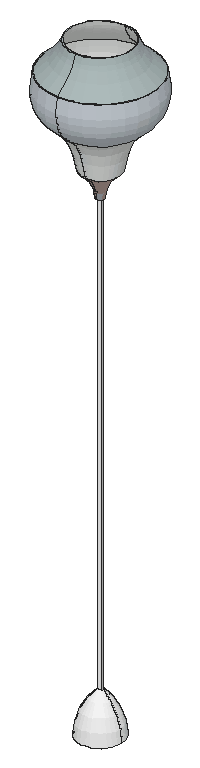
Revit family "Cirque 220 copper top", category Lighting Fixtures, host Face, Revit 2015
Parameters
  Width = 0 mm
  Weight (Kg) = 0
  Wattage = 96 W
  built-in parameter 1150110 = 1 (stored number, unit not read)
  Voltage (US Only) = 0 V
  Trim and Accessories = ""
  built-in parameter 1114217 = 1 (stored number, unit not read)
  Tilt Angle = -90.00°
  built-in parameter 1150109 = 1 (stored number, unit not read)
  built-in parameter 1150134 = 3
  Suspension Height [instance] = 1000 mm
  built-in parameter 1150113 = 1 (stored number, unit not read)
  Reflector Finish = none
  Product Documentation Link = ""
  Product Code = "x"
  Product Category = "Pendant"
  Power Factor (US Only) = 0
  Photometric Web File = "generic"
  Option = ""
  Number of Poles (US Only) = 0
  built-in parameter 1150142 = (empty or 0)
  Manufacturer = "Louis Poulsen Lighting"
  built-in parameter 1150105 = 267.38 (stored number, unit not read)
  Lumens = 3360 lm
  built-in parameter 1150115 = 1 (stored number, unit not read)
  Lighting Technique = ""
  built-in parameter 1150137 = (empty or 0)
  built-in parameter 1150139 = (empty or 0)
  Length = 0 mm
  built-in parameter 1150112 = 1 (stored number, unit not read)
  built-in parameter 1150114 = 1 (stored number, unit not read)
  Lamp = "x"
  Insulation Class (Not US) = ""
  built-in parameter 1150132 = 2
  built-in parameter 1150102 = (empty or 0)
  built-in parameter 1150107 = 3200 (stored number, unit not read)
  built-in parameter 1150138 = (empty or 0)
  built-in parameter 1150106 = 2.6738 (stored number, unit not read)
  IP (Not US) = ""
  IK (Not US - Outdoor only) = ""
  Height = 0 mm
  Efficiency (Lm/W) = ""
  built-in parameter 1150104 = 3.2516 (stored number, unit not read)
  Drawn By = "Louis Poulsen Lighting"
  Dimming Lamp Color Temperature Shift = <None>
  Designer = ""
  Description = "x"
  Default Elevation = 1000 mm
  Cut-off = "N/A"
  Color Filter = 16777215
  CRI = ""
  Build-in height = ""
  Bug Rating (US Outdoor Only) = "N/A"
  Body Finish = Default
  built-in parameter 1114218 = 1 (stored number, unit not read)
  built-in parameter 1150133 = 10 (stored number, unit not read)
Reference planes
  plane 1 "Center (Front/Back)": y = 0
  plane 2: z = 0
  plane 3 "Center (Left/Right)": x = 0
  plane 4 "Suspension height Ref Level": z = 1000
Forms (mm)
  Revolve 1, solid, material "Default"
    sketch origin (0, 0, 0) x (0, 1, 0) y (0, 0, 1)
      loop
        line (-8.129, 1000) -> (-6.628, 1000)
        arc (-6.628, 1000) -> (-15.35, 1029.965) -> (-37.192, 1052.255) r 64.074
        line (-37.192, 1052.255) -> (-37.976, 1050.976)
        arc (-37.976, 1050.976) -> (-16.659, 1029.232) -> (-8.129, 1000) r 62.574
      axis (0, 1000) -> (0, 1052.255)
    angle from 0 to 360
  Revolve 2, solid, material "Default"
    sketch origin (0, 0, 0) x (0, 1, 0) y (0, 0, 1)
      loop
        line (-37.976, 1050.976) -> (-36.445, 1050.976)
        spline (-36.445, 1050.976) -> (-38.839, 1062.452) -> (-41.163, 1072.808) -> (-43.493, 1082.155) -> (-45.905, 1090.605) -> (-48.478, 1098.27) -> (-51.288, 1105.259) -> (-54.41, 1111.685) -> (-57.916, 1117.653) -> (-61.875, 1123.268) -> (-66.357, 1128.635) -> (-71.431, 1133.859) -> (-77.168, 1139.046)
        line (-77.168, 1139.046) -> (-79.536, 1139.046)
        spline (-79.536, 1139.046) -> (-73.739, 1133.902) -> (-68.621, 1128.732) -> (-64.104, 1123.426) -> (-60.114, 1117.87) -> (-56.573, 1111.953) -> (-53.405, 1105.562) -> (-50.535, 1098.585) -> (-47.885, 1090.909) -> (-45.381, 1082.423) -> (-42.945, 1073.013) -> (-40.502, 1062.568) -> (-37.976, 1050.976)
      axis (0, 1050.976) -> (0, 1139.046)
    angle from 0 to 360
  Revolve 3, solid, material "Default"
    sketch origin (0, 0, 0) x (0, 1, 0) y (0, 0, 1)
      loop
        line (-79.536, 1139.046) -> (-77.168, 1139.046)
        spline (-77.168, 1139.046) -> (-90.869, 1150.799) -> (-99.783, 1160.234) -> (-105.129, 1167.982) -> (-108.153, 1174.748) -> (-110.074, 1181.304) -> (-111.559, 1187.988) -> (-112.555, 1194.797) -> (-112.955, 1201.747) -> (-112.664, 1208.907) -> (-111.702, 1216.499) -> (-110.267, 1224.947) -> (-108.573, 1234.654)
        line (-108.573, 1234.654) -> (-110.093, 1234.654)
        spline (-110.093, 1234.654) -> (-111.838, 1225.15) -> (-113.326, 1216.828) -> (-114.348, 1209.281) -> (-114.706, 1202.115) -> (-114.364, 1195.135) -> (-113.428, 1188.319) -> (-112.007, 1181.647) -> (-110.14, 1175.065) -> (-107.123, 1168.157) -> (-101.794, 1160.281) -> (-92.988, 1150.792) -> (-79.536, 1139.046)
      axis (0, 1234.654) -> (0, 1139.046)
    angle from 0 to 360
  Revolve 4, solid, material "Default"
    sketch origin (0, 0, 0) x (0, 1, 0) y (0, 0, 1)
      loop
        line (-110.093, 1234.654) -> (-109.09, 1233.539)
        spline (-109.09, 1233.539) -> (-102.29, 1239.548) -> (-96.187, 1244.791) -> (-90.731, 1249.533) -> (-85.874, 1254.041) -> (-81.582, 1258.568) -> (-77.841, 1263.129) -> (-74.591, 1267.586) -> (-71.768, 1271.798) -> (-69.294, 1275.665) -> (-66.93, 1279.843) -> (-64.405, 1285.544) -> (-61.428, 1294.008)
        line (-61.428, 1294.008) -> (-63.005, 1294.008)
        spline (-63.005, 1294.008) -> (-65.952, 1285.688) -> (-68.414, 1280.159) -> (-70.712, 1276.12) -> (-73.162, 1272.308) -> (-75.951, 1268.165) -> (-79.149, 1263.802) -> (-82.816, 1259.351) -> (-87.015, 1254.943) -> (-91.8, 1250.52) -> (-97.213, 1245.836) -> (-103.297, 1240.633) -> (-110.093, 1234.654)
      axis (0, 1294.008) -> (0, 1233.539)
    angle from 0 to 360
  Extrusion 5, solid, material "Louis poulsen Ledningshvid"
    sketch origin (0, 0, 0) x (1, 0, 0) y (0, 1, 0)
      loop
        circle (0, 0) r 4
    from 0 to 1000
  Revolve 6, solid, material "louis Poulsen Baldakin hvid"
    sketch origin (0, 0, 0) x (1, 0, 0) y (0, 0, 1)
      loop
        arc (45.049, 0) -> (33.767, 47.797) -> (4.175, 86.991) r 119.221
        line (4.175, 86.991) -> (4.175, 84.992)
        arc (4.175, 84.992) -> (32.679, 46.581) -> (43.549, 0) r 117.721
        line (43.549, 0) -> (45.049, 0)
      axis (0, 86.991) -> (0, 0)
    angle from 0 to 360
Dimensions and locks
  "Suspension Height": plane 4 "Suspension height Ref Level" to level
  locked: imposter light to Revolve 4 at 1.13
  aligned and locked: plane 2 to host face
  aligned and locked: level to host face
  aligned and locked: plane 4 "Suspension height Ref Level" to Extrusion 5
Automatic sketch dimensions
  host sketch curve to host sketch curve = 276.968 mm
  host sketch curve to host sketch curve = 272.373 mm
  Revolve 2 sketch curve to plane 1 "Center (Front/Back)" = 0 mm
  plane 1 "Center (Front/Back)" to Revolve 2 sketch curve = 36.445 mm
  Revolve 2 sketch curve to Revolve 2 sketch curve = 1.531 mm
  plane 1 "Center (Front/Back)" to Revolve 2 sketch curve = 77.168 mm
  Revolve 2 sketch curve to Revolve 2 sketch curve = 2.368 mm
  plane 4 "Suspension height Ref Level" to Revolve 2 sketch curve = 50.976 mm
  Revolve 2 sketch curve to Revolve 2 sketch curve = 88.07 mm
  Revolve 2 sketch curve to plane 4 "Suspension height Ref Level" = 6.808 mm
  Revolve 2 sketch curve to Revolve 2 sketch curve = 74.146 mm
  Revolve 1 sketch curve to Revolve 1 sketch curve = 0 mm  (x2)
  Revolve 1 sketch curve to plane 4 "Suspension height Ref Level" = 0 mm
  Revolve 1 sketch curve to plane 1 "Center (Front/Back)" = 0 mm
  plane 1 "Center (Front/Back)" to Revolve 1 sketch curve = 6.628 mm
  Revolve 1 sketch curve to Revolve 1 sketch curve = 1.501 mm
  Revolve 1 sketch curve to plane 4 "Suspension height Ref Level" = 2.385 mm
  Revolve 1 sketch curve to Revolve 1 sketch curve = 62.529 mm
  plane 1 "Center (Front/Back)" to Revolve 1 sketch curve = 37.192 mm
  Revolve 1 sketch curve to Revolve 1 sketch curve = 0.783 mm
  Revolve 1 sketch curve to plane 4 "Suspension height Ref Level" = 8.799 mm
  Revolve 1 sketch curve to Revolve 1 sketch curve = 18.946 mm
  Revolve 3 sketch curve to plane 1 "Center (Front/Back)" = 0 mm
  plane 1 "Center (Front/Back)" to Revolve 3 sketch curve = 77.168 mm
  Revolve 3 sketch curve to Revolve 3 sketch curve = 2.368 mm
  Revolve 3 sketch curve to Revolve 3 sketch curve = 29.037 mm
  Revolve 3 sketch curve to Revolve 3 sketch curve = 1.52 mm
  plane 4 "Suspension height Ref Level" to Revolve 3 sketch curve = 139.046 mm
  Revolve 3 sketch curve to Revolve 3 sketch curve = 95.608 mm
  Revolve 3 sketch curve to Revolve 3 sketch curve = 14.392 mm
  Revolve 3 sketch curve to Revolve 3 sketch curve = 70 mm
  Revolve 4 sketch curve to plane 1 "Center (Front/Back)" = 0 mm
  plane 1 "Center (Front/Back)" to Revolve 4 sketch curve = 61.428 mm
  Revolve 4 sketch curve to Revolve 4 sketch curve = 1.577 mm
  Revolve 4 sketch curve to Revolve 4 sketch curve = 46.084 mm
  Revolve 4 sketch curve to Revolve 4 sketch curve = 1.004 mm
  plane 4 "Suspension height Ref Level" to Revolve 4 sketch curve = 233.539 mm
  Revolve 4 sketch curve to Revolve 4 sketch curve = 1.115 mm
  Revolve 4 sketch curve to Revolve 4 sketch curve = 59.354 mm
  Revolve 4 sketch curve to Revolve 4 sketch curve = 64.226 mm
  Revolve 4 sketch curve to Revolve 4 sketch curve = 14.187 mm
  plane 1 "Center (Front/Back)" to Extrusion 5 sketch curve = 0 mm
  Extrusion 5 sketch curve to plane 3 "Center (Left/Right)" = 0 mm
  Revolve 6 sketch curve to Revolve 6 sketch curve = 0 mm  (x2)
  Revolve 6 sketch curve to plane 3 "Center (Left/Right)" = 0 mm
  Revolve 6 sketch curve to level = 0 mm
  Revolve 6 sketch curve to level = 2.903 mm
  Revolve 6 sketch curve to plane 3 "Center (Left/Right)" = 74.136 mm
  plane 3 "Center (Left/Right)" to Revolve 6 sketch curve = 4.175 mm
  plane 3 "Center (Left/Right)" to Revolve 6 sketch curve = 43.549 mm
  Revolve 6 sketch curve to Revolve 6 sketch curve = 1.5 mm
  Revolve 6 sketch curve to level = 5 mm
  Revolve 6 sketch curve to Revolve 6 sketch curve = 8.009 mm
  radius of Extrusion 5 sketch curve = 4 mm
Nested families
  nested 1: "LP-Revit-Annotation" at (0, 0, 0), type "LP-Revit-Annotation"
Connectors
  electrical at (0, 0, 0)
    settings: index 1, voltage 0 V, apparent load 0 VA, apparent load phase1 0 VA, apparent load phase2 0 VA, apparent load phase3 0 VA, power factor 1, load classification "Other", number of poles 1, system type 31, power factor state 1, is connector primary yes, connector utility no, sub classification motor no, connector description ""
Definition of nested family "LP-Revit-Annotation"
  Reference planes
    plane 1: y = 0
    plane 2: x = 0
  Lines and regions (mm)
    detail lines
      curve 1: circle (0, 0, 0) r 2.5 normal (0, 0, 1)
      curve 2: line (-1.768, -1.768, 0) -> (1.768, 1.768, 0)
      curve 3: line (-1.768, 1.768, 0) -> (1.768, -1.768, 0)
  Dimensions and locks
    radius of curve 1 = 2.5 mm
